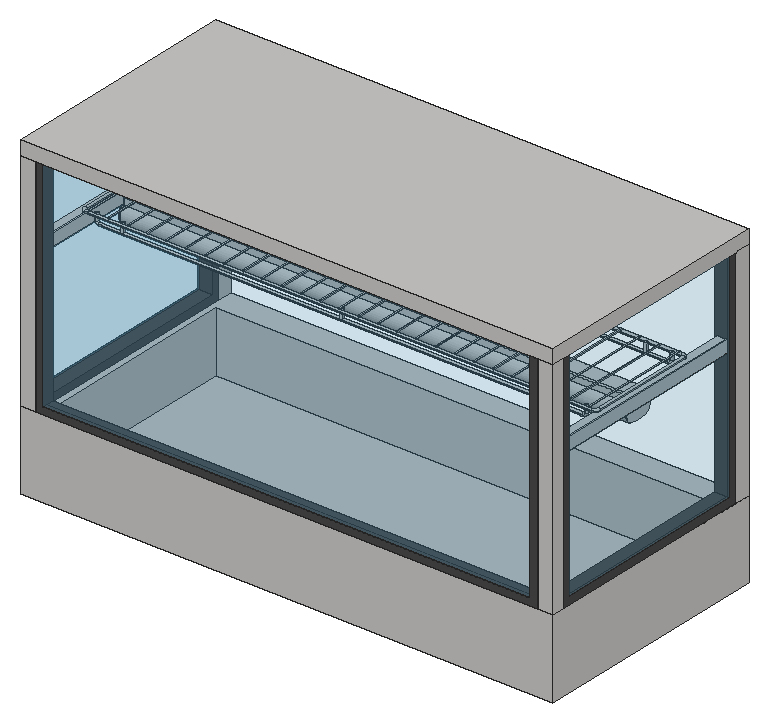
Revit family "QF_FESTIVE_DB14_cat", category Specialty Equipment, Revit 2020
Family settings
  Round Connector Dimension = Use Diameter
  Part Type = Normal
  Work Plane-Based = No
  Always vertical = Yes
  Cut with Voids When Loaded = No
  Shared = No
  Room Calculation Point = No
Parameters (values of type "DB14")
  Weight in Pounds = 0
  Watts = if(Phase = 3, Volts * FL Amps * 1.73, Volts * FL Amps)  # 3740 W
  Volts = 220 V
  URL Cutsheet = ""
  Specification by User = ""
  Specification by Manufacturer = ""
  Serial Number = ""
  Seismic Rating = ""
  SMACNA No = ""
  Revision Code = ""
  Phase = 1
  Number of Poles = 1
  No. of Rail [instance] = Length / 50.8 mm  # 27
  NAFEM Spec ID Number = ""
  Model = "DB14"
  Min Ckt Ampacity = 0 A
  Max Overcurrent Protection = 0 A
  Masterspec = ""
  Manufacturer = "FESTIVE"
  Length = 1395 mm
  Item Number = ""
  Installed By = ""
  Identify Quantity as Lot = yes
  Height = 830 mm
  HP = ""
  Furnished By = ""
  Foodservice Equipment Identifier = yes
  FL Amps = 17 A
  Electrical Remarks = ""
  Electric Connection Type = ""
  Elec Conn RI Height = 0 mm
  Elec Conn Connection Height = 0 mm
  Description = "DEVON: BAIN MARIE"
  Depth = 640 mm
  Default Elevation = 0 mm
  Cycle = 50 Hz
  Conn Plug = ""
  Conn Conduit = yes
  CSI MasterFormat = ""
  Apparent Power = if(Phase = 3, Volts * FL Amps * 1.73, Volts * FL Amps)  # 3740 VA
Reference planes
  plane 1 "BACK": y = 0
  plane 2: z = 0
  plane 3 "LEFT": x = 0
  plane 4 "RIGHT": x = 1395
  plane 5 "FRONT": y = -640
  plane 6 "TOP": z = 830
  plane 7 "Center Y": x = 697.5
  plane 8 "Center X": y = -320
  plane 9: z = 205
  plane 10: x = 1459.9
  plane 11: x = 40.989
  plane 12: x = 1354.011
Forms (mm)
  Extrusion 1, solid, material "QF_Metal - Stainless - Satin"
    sketch origin (0, 0, 0) x (0, 1, 0) y (0, 0, 1)
      loop
        line (0, 793) -> (0, 830) -> (-640, 830) -> (-640, 793) -> (0, 793)
    from 0 to 1395
  Extrusion 2, solid, material "QF_Metal - Stainless - Satin"
    sketch origin (0, 0, 0) x (0, 1, 0) y (0, 0, 1)
      loop
        line (0, 793) -> (-40.1, 793) -> (-40.1, 205) -> (0, 205) -> (0, 793)
    from 0 to 40.1
  Extrusion 3, solid, material "QF_Metal - Stainless - Satin"
    sketch origin (0, 0, 0) x (0, 1, 0) y (0, 0, 1)
      loop
        line (-608, 793) -> (-640, 793) -> (-640, 205) -> (-608, 205) -> (-608, 793)
    from 0 to 40.1
  Extrusion 4, solid, material "QF_Metal - Stainless - Satin"
    sketch origin (1395, 0, 0) x (0, -1, 0) y (0, 0, 1)
      loop
        line (0, 793) -> (0, 205) -> (40.1, 205) -> (40.1, 793) -> (0, 793)
    from 0 to 40.1
  Extrusion 5, solid, material "QF_Plastic - Black - Smooth"
    sketch origin (0, -640, 205) x (0, 0, -1) y (1, 0, 0)
      loop
        line (-588, 40.1) -> (0, 40.1) -> (0, 1354.9) -> (-588, 1354.9) -> (-588, 1334.9) -> (-20, 1334.9) -> (-20, 60.1) -> (-588, 60.1) -> (-588, 40.1)
    from 0 to -32
  Extrusion 6, solid, material "Glass"
    sketch origin (0, -640, 205) x (0, 0, -1) y (1, 0, 0)
      loop
        line (-588, 60.1) -> (-20, 60.1) -> (-20, 1334.9) -> (-588, 1334.9) -> (-588, 60.1)
    from 0 to -10
  Extrusion 7, solid, material "QF_Plastic - Black - Smooth"
    sketch origin (0, 0, 0) x (0, -1, 0) y (0, 0, 1)
      loop
        line (40.1, 793) -> (40.1, 205) -> (608, 205) -> (608, 793) -> (588, 793) -> (588, 225) -> (60.1, 225) -> (60.1, 793) -> (40.1, 793)
    from 0 to -40.1
  Extrusion 8, solid, material "Glass"
    sketch origin (0, 0, 0) x (0, 1, 0) y (0, 0, -1)
      loop
        line (-588, -793) -> (-60.1, -793) -> (-60.1, -225) -> (-588, -225) -> (-588, -793)
    from 0 to -5.1
  Sweep 9, solid, material "QF_Metal - Stainless - Satin"
    path origin (0, 0, 598.437) x (1, 0, 0) y (0, 1, 0)
      loop
        arc (33.118, -173.147) -> (27.808, -175.347) -> (25.609, -180.657) r 7.509
        line (25.609, -180.657) -> (25.609, -458.823)
        arc (25.609, -458.823) -> (27.805, -464.127) -> (33.109, -466.323) r 7.5
        line (33.109, -466.323) -> (1361.437, -466.323)
        arc (1361.437, -466.323) -> (1366.741, -464.127) -> (1368.937, -458.823) r 7.5
        line (1368.937, -458.823) -> (1368.937, -180.647)
        arc (1368.937, -180.647) -> (1366.741, -175.344) -> (1361.437, -173.147) r 7.5
        line (1361.437, -173.147) -> (33.118, -173.147)
    profile origin (697.278, -173.147, 598.437) x (0, 1, 0) y (0, 0, 1)
      loop
        circle (0.813, 0) r 3.5
  Sweep 10, solid, material "QF_Metal - Stainless - Satin"
    path origin (0, -459.587, 0) x (1, 0, 0) y (0, 0, 1)
      loop
        line (56, 600.75) -> (56, 583.379)
        arc (56, 583.379) -> (58.255, 577.934) -> (63.7, 575.679) r 7.7
        line (63.7, 575.679) -> (1331.29, 575.679)
        arc (1331.29, 575.679) -> (1336.742, 577.937) -> (1339, 583.389) r 7.71
        line (1339, 583.389) -> (1339, 600.75)
    profile origin (56, -459.587, 592.064) x (0, -1, 0) y (1, 0, 0)
      loop
        circle (0, 0) r 3.5
  Extrusion 11, solid, material "QF_Metal - Stainless - Satin"
    sketch origin (-90, 0, 0) x (1, 0, 0) y (0, 1, 0)
      loop
        circle (214.245, -459.502) r 3.409
    from 576.5 to 600.75
  Extrusion 12, solid, material "QF_Metal - Stainless - Satin"
    sketch origin (483.255, 0, 0) x (1, 0, 0) y (0, 1, 0)
      loop
        circle (214.245, -459.502) r 3.409
    from 576.5 to 600.75
  Extrusion 13, solid, material "QF_Metal - Stainless - Satin"
    sketch origin (0, 0, 0) x (1, 0, 0) y (0, 0, 1)
      loop
        circle (42.498, 603.487) r 1.509
    from 173.5 to 466.5
  Sweep 14, solid, material "QF_Metal - Stainless - Satin"
    path origin (0, -180.413, 0) x (1, 0, 0) y (0, 0, -1)
      loop
        line (56, -600.75) -> (56, -583.379)
        arc (56, -583.379) -> (58.255, -577.934) -> (63.7, -575.679) r 7.7
        line (63.7, -575.679) -> (1331.29, -575.679)
        arc (1331.29, -575.679) -> (1336.742, -577.937) -> (1339, -583.389) r 7.71
        line (1339, -583.389) -> (1339, -600.75)
    profile origin (56, -180.413, 592.064) x (0, 1, 0) y (-1, 0, 0)
      loop
        circle (0, 0) r 3.5
  Extrusion 15, solid, material "QF_Metal - Stainless - Satin"
    sketch origin (-90, -640, 0) x (1, 0, 0) y (0, 1, 0)
      loop
        circle (214.245, 459.502) r 3.409
    from 576.5 to 600.75
  Extrusion 16, solid, material "QF_Metal - Stainless - Satin"
    sketch origin (483.255, -640, 0) x (1, 0, 0) y (0, 1, 0)
      loop
        circle (214.245, 459.502) r 3.409
    from 576.5 to 600.75
  Extrusion 17, solid, material "QF_Metal - Stainless - Satin"
    sketch origin (0, -650.445, 0) x (1, 0, 0) y (0, -1, 0)
      loop
        line (1395, -10.445) -> (0, -10.445) -> (0, -650.445) -> (1395, -650.445) -> (1395, -10.445)
      loop
        line (57, -65.445) -> (57, -580.445) -> (1340, -580.445) -> (1340, -65.445) -> (57, -65.445)
    from 0 to -205
  Extrusion 18, solid, material "QF_Metal - Stainless - Satin"
    sketch origin (0, -650.445, 0) x (0, 1, 0) y (1, 0, 0)
      loop
        line (65.445, 57) -> (580.445, 57) -> (580.445, 1340) -> (65.445, 1340) -> (65.445, 57)
    from 0 to -47
  Extrusion 19, solid, material "QF_Metal - Stainless - Satin"
    sketch origin (347, 0, -216.078) x (0, 1, 0) y (0, 0, 1)
      loop
        line (-345, 792.076) -> (-345, 776.085)
        arc (-345, 776.085) -> (-357.596, 753.232) -> (-345, 730.378) r 27.029
        arc (-345, 730.378) -> (-320, 727.581) -> (-295, 730.378) r 113.108
        arc (-295, 730.378) -> (-282.404, 753.232) -> (-295, 776.085) r 27.029
        line (-295, 776.085) -> (-295, 792.076)
        arc (-295, 792.076) -> (-295.856, 794.144) -> (-297.924, 795) r 2.924
        line (-297.924, 795) -> (-342.076, 795)
        arc (-342.076, 795) -> (-344.144, 794.144) -> (-345, 792.076) r 2.924
    from -313 to 1014
  Extrusion 20, solid, material "QF_Metal - Stainless - Satin"
    sketch origin (-28, 0, -216.078) x (0, 1, 0) y (0, 0, 1)
      loop
        arc (-295, 792.076) -> (-295.856, 794.144) -> (-297.924, 795) r 2.924
        line (-297.924, 795) -> (-342.076, 795)
        arc (-342.076, 795) -> (-344.144, 794.144) -> (-345, 792.076) r 2.924
        line (-345, 792.076) -> (-345, 776.085)
        arc (-345, 776.085) -> (-357.596, 753.232) -> (-345, 730.378) r 27.029
        arc (-345, 730.378) -> (-320, 727.581) -> (-295, 730.378) r 113.108
        arc (-295, 730.378) -> (-282.404, 753.232) -> (-295, 776.085) r 27.029
        line (-295, 776.085) -> (-295, 792.076)
      loop
        arc (-298.5, 786) -> (-298.793, 786.707) -> (-299.5, 787) r 1
        line (-299.5, 787) -> (-301.5, 787)
        arc (-301.5, 787) -> (-302.207, 786.707) -> (-302.5, 786) r 1
        line (-302.5, 786) -> (-302.5, 774)
        arc (-302.5, 774) -> (-302.207, 773.293) -> (-301.5, 773) r 1
        line (-301.5, 773) -> (-299.5, 773)
        arc (-299.5, 773) -> (-298.793, 773.293) -> (-298.5, 774) r 1
        line (-298.5, 774) -> (-298.5, 786)
      loop
        arc (-305, 786) -> (-305.293, 786.707) -> (-306, 787) r 1
        line (-306, 787) -> (-308, 787)
        arc (-308, 787) -> (-308.707, 786.707) -> (-309, 786) r 1
        line (-309, 786) -> (-309, 774)
        arc (-309, 774) -> (-308.707, 773.293) -> (-308, 773) r 1
        line (-308, 773) -> (-306, 773)
        arc (-306, 773) -> (-305.293, 773.293) -> (-305, 774) r 1
        line (-305, 774) -> (-305, 786)
      loop
        arc (-311.5, 786) -> (-311.793, 786.707) -> (-312.5, 787) r 1
        line (-312.5, 787) -> (-314.5, 787)
        arc (-314.5, 787) -> (-315.207, 786.707) -> (-315.5, 786) r 1
        line (-315.5, 786) -> (-315.5, 774)
        arc (-315.5, 774) -> (-315.207, 773.293) -> (-314.5, 773) r 1
        line (-314.5, 773) -> (-312.5, 773)
        arc (-312.5, 773) -> (-311.793, 773.293) -> (-311.5, 774) r 1
        line (-311.5, 774) -> (-311.5, 786)
      loop
        arc (-318, 786) -> (-318.293, 786.707) -> (-319, 787) r 1
        line (-319, 787) -> (-321, 787)
        arc (-321, 787) -> (-321.707, 786.707) -> (-322, 786) r 1
        line (-322, 786) -> (-322, 774)
        arc (-322, 774) -> (-321.707, 773.293) -> (-321, 773) r 1
        line (-321, 773) -> (-319, 773)
        arc (-319, 773) -> (-318.293, 773.293) -> (-318, 774) r 1
        line (-318, 774) -> (-318, 786)
      loop
        arc (-324.5, 786) -> (-324.793, 786.707) -> (-325.5, 787) r 1
        line (-325.5, 787) -> (-327.5, 787)
        arc (-327.5, 787) -> (-328.207, 786.707) -> (-328.5, 786) r 1
        line (-328.5, 786) -> (-328.5, 774)
        arc (-328.5, 774) -> (-328.207, 773.293) -> (-327.5, 773) r 1
        line (-327.5, 773) -> (-325.5, 773)
        arc (-325.5, 773) -> (-324.793, 773.293) -> (-324.5, 774) r 1
        line (-324.5, 774) -> (-324.5, 786)
      loop
        arc (-331, 786) -> (-331.293, 786.707) -> (-332, 787) r 1
        line (-332, 787) -> (-334, 787)
        arc (-334, 787) -> (-334.707, 786.707) -> (-335, 786) r 1
        line (-335, 786) -> (-335, 774)
        arc (-335, 774) -> (-334.707, 773.293) -> (-334, 773) r 1
        line (-334, 773) -> (-332, 773)
        arc (-332, 773) -> (-331.293, 773.293) -> (-331, 774) r 1
        line (-331, 774) -> (-331, 786)
      loop
        arc (-337.5, 786) -> (-337.793, 786.707) -> (-338.5, 787) r 1
        line (-338.5, 787) -> (-340.5, 787)
        arc (-340.5, 787) -> (-341.207, 786.707) -> (-341.5, 786) r 1
        line (-341.5, 786) -> (-341.5, 774)
        arc (-341.5, 774) -> (-341.207, 773.293) -> (-340.5, 773) r 1
        line (-340.5, 773) -> (-338.5, 773)
        arc (-338.5, 773) -> (-337.793, 773.293) -> (-337.5, 774) r 1
        line (-337.5, 774) -> (-337.5, 786)
    from 60.1 to 62
  Extrusion 21, solid, material "QF_Metal - Stainless - Satin", not visible
    sketch origin (0, 0, 201.118) x (0, 0, 1) y (1, 0, 0)
      loop
        line (-111.118, 1185.678) -> (-211.118, 1185.678) -> (-211.118, 855.678) -> (-111.118, 855.678) -> (-111.118, 1185.678)
    from 0 to 1.5
  Extrusion 22, solid, material "QF_Plastic - Black - Smooth", not visible
    sketch origin (37.803, 1.5, 184.282) x (0, 0, 1) y (1, 0, 0)
      loop
        line (-127.243, 1007.875) -> (-159.243, 1007.875) -> (-159.243, 993.875) -> (-127.243, 993.875) -> (-127.243, 1007.875)
      loop
        line (-155.243, 1004.875) -> (-155.243, 996.875) -> (-131.243, 996.875) -> (-131.243, 1004.875) -> (-155.243, 1004.875)
      loop
        circle (-144.275, 967.799) r 8.453
    from 0 to 1.5
  Extrusion 23, solid, material "QF_Plastic - Red - Smooth", not visible
    sketch origin (951.803, 1.5, 44.163) x (0, 0, -1) y (0, 1, 0)
      loop
        line (-10.247, 1.5) -> (15.125, 1.5) -> (15.125, 5.552)
        arc (15.125, 5.552) -> (2.51, 3.618) -> (-10.247, 3.224) r 105.368
        line (-10.247, 3.224) -> (-10.247, 1.5)
    from 82.875 to 90.875
  Revolve 24, solid, material "QF_Metal - Stainless - Satin", not visible
    sketch origin (955.614, 0, -14.69) x (0, 1, 0) y (0, 0, 1)
      loop
        line (9.399, 54.68) -> (9.399, 69.967) -> (3.413, 80.768) -> (1.5, 80.768) -> (1.5, 54.68) -> (9.399, 54.68)
      axis (1.5, 54.68) -> (9.399, 54.68)
    angle from 0 to 360
  Extrusion 25, solid, material "QF_Metal - Stainless - Satin", not visible
    sketch origin (955.614, 9.399, 39.989) x (-1, 0, 0) y (0, 0, 1)
      loop
        arc (0, 15.288) -> (-2.018, 15.154) -> (-4, 14.755) r 15.288
        line (-4, 14.755) -> (-4, -14.755)
        arc (-4, -14.755) -> (-2.018, -15.154) -> (0, -15.288) r 15.288
        arc (0, -15.288) -> (2.018, -15.154) -> (4, -14.755) r 15.288
        line (4, -14.755) -> (4, 14.755)
        arc (4, 14.755) -> (2.018, 15.154) -> (0, 15.288) r 15.288
    from 0 to 14.801
  Extrusion 26, solid, material "QF_Plastic - Red - Smooth", not visible
    sketch origin (37.803, 3, 184.282) x (0, 0, 1) y (1, 0, 0)
      loop
        circle (-144.275, 967.799) r 6.5
    from 0 to 4.052
  Extrusion 27, solid, material "QF_Metal - Stainless - Satin"
    sketch origin (0, -60.1, 753) x (0, 0, 1) y (-1, 0, 0)
      loop
        arc (-157.938, -9.475) -> (-158.37, -8.432) -> (-159.413, -8) r 1.475
        line (-159.413, -8) -> (-192.5, -8)
        arc (-192.5, -8) -> (-193.561, -8.439) -> (-194, -9.5) r 1.5
        line (-194, -9.5) -> (-194, -30.6)
        arc (-194, -30.6) -> (-193.561, -31.661) -> (-192.5, -32.1) r 1.5
        line (-192.5, -32.1) -> (-159.438, -32.1)
        arc (-159.438, -32.1) -> (-158.377, -31.661) -> (-157.938, -30.6) r 1.5
        line (-157.938, -30.6) -> (-157.938, -9.475)
      loop
        line (-157.938, -1385.525) -> (-157.938, -1364.4)
        arc (-157.938, -1364.4) -> (-158.377, -1363.339) -> (-159.438, -1362.9) r 1.5
        line (-159.438, -1362.9) -> (-192.5, -1362.9)
        arc (-192.5, -1362.9) -> (-193.561, -1363.339) -> (-194, -1364.4) r 1.5
        line (-194, -1364.4) -> (-194, -1385.5)
        arc (-194, -1385.5) -> (-193.561, -1386.561) -> (-192.5, -1387) r 1.5
        line (-192.5, -1387) -> (-159.413, -1387)
        arc (-159.413, -1387) -> (-158.37, -1386.568) -> (-157.938, -1385.525) r 1.475
    from 0 to 527.9
  Extrusion 28, solid, material "QF_Plastic - Black - Smooth"
    sketch origin (1395, 0, 0) x (0, -1, 0) y (0, 0, 1)
      loop
        line (40.1, 793) -> (40.1, 205) -> (608, 205) -> (608, 793) -> (588, 793) -> (588, 225) -> (60.1, 225) -> (60.1, 793) -> (40.1, 793)
    from 40 to 0
  Extrusion 29, solid, material "Glass"
    sketch origin (1395, 0, 0) x (0, -1, 0) y (0, 0, 1)
      loop
        line (588, 793) -> (60.1, 793) -> (60.1, 225) -> (588, 225) -> (588, 793)
    from 5 to 0
  Extrusion 30, solid, material "QF_Metal - Stainless - Satin"
    sketch origin (-323.178, 0, 216.118) x (0, 0, 1) y (1, 0, 0)
      loop
        line (-111.118, 1185.678) -> (-211.118, 1185.678) -> (-211.118, 855.678) -> (-111.118, 855.678) -> (-111.118, 1185.678)
    from 0 to 1.5
  Extrusion 31, solid, material "QF_Plastic - Black - Smooth"
    sketch origin (-285.375, 1.5, 199.282) x (0, 0, 1) y (1, 0, 0)
      loop
        line (-127.243, 1007.875) -> (-159.243, 1007.875) -> (-159.243, 993.875) -> (-127.243, 993.875) -> (-127.243, 1007.875)
      loop
        line (-155.243, 1004.875) -> (-155.243, 996.875) -> (-131.243, 996.875) -> (-131.243, 1004.875) -> (-155.243, 1004.875)
      loop
        circle (-144.275, 967.799) r 8.453
    from 0 to 1.5
  Extrusion 32, solid, material "QF_Plastic - Red - Smooth"
    sketch origin (628.625, 1.5, 59.163) x (0, 0, -1) y (0, 1, 0)
      loop
        line (-10.247, 1.5) -> (15.125, 1.5) -> (15.125, 5.552)
        arc (15.125, 5.552) -> (2.51, 3.618) -> (-10.247, 3.224) r 105.368
        line (-10.247, 3.224) -> (-10.247, 1.5)
    from 82.875 to 90.875
  Revolve 33, solid, material "QF_Metal - Stainless - Satin"
    sketch origin (632.436, 0, 0.31) x (0, 1, 0) y (0, 0, 1)
      loop
        line (9.399, 54.68) -> (9.399, 69.967) -> (3.413, 80.768) -> (1.5, 80.768) -> (1.5, 54.68) -> (9.399, 54.68)
      axis (1.5, 54.68) -> (9.399, 54.68)
    angle from 0 to 360
  Extrusion 34, solid, material "QF_Metal - Stainless - Satin"
    sketch origin (632.436, 9.399, 54.989) x (-1, 0, 0) y (0, 0, 1)
      loop
        arc (0, 15.288) -> (-2.018, 15.154) -> (-4, 14.755) r 15.288
        line (-4, 14.755) -> (-4, -14.755)
        arc (-4, -14.755) -> (-2.018, -15.154) -> (0, -15.288) r 15.288
        arc (0, -15.288) -> (2.018, -15.154) -> (4, -14.755) r 15.288
        line (4, -14.755) -> (4, 14.755)
        arc (4, 14.755) -> (2.018, 15.154) -> (0, 15.288) r 15.288
    from 0 to 14.801
  Extrusion 35, solid, material "QF_Plastic - Red - Smooth"
    sketch origin (-285.375, 3, 199.282) x (0, 0, 1) y (1, 0, 0)
      loop
        circle (-144.275, 967.799) r 6.5
    from 0 to 4.052
  Extrusion 36, solid, material "QF_Metal - Stainless - Satin"
    sketch origin (1160, 0, 0) x (-1, 0, 0) y (0, -1, 0)
      loop
        circle (-110.755, 459.502) r 3.409
    from 576.5 to 600.75
  Extrusion 37, solid, material "QF_Metal - Stainless - Satin"
    sketch origin (1160, -640, 0) x (-1, 0, 0) y (0, -1, 0)
      loop
        circle (-110.755, -459.502) r 3.409
    from 576.5 to 600.75
  Extrusion 38, solid, material "QF_Metal - Stainless - Satin"
    sketch origin (773, 0, -216.078) x (0, 1, 0) y (0, 0, -1)
      loop
        line (-295, -792.076) -> (-295, -776.085)
        arc (-295, -776.085) -> (-282.404, -753.232) -> (-295, -730.378) r 27.029
        arc (-295, -730.378) -> (-320, -727.581) -> (-345, -730.378) r 113.108
        arc (-345, -730.378) -> (-357.596, -753.232) -> (-345, -776.085) r 27.029
        line (-345, -776.085) -> (-345, -792.076)
        arc (-345, -792.076) -> (-344.144, -794.144) -> (-342.076, -795) r 2.924
        line (-342.076, -795) -> (-297.924, -795)
        arc (-297.924, -795) -> (-295.856, -794.144) -> (-295, -792.076) r 2.924
      loop
        line (-298.5, -786) -> (-298.5, -774)
        arc (-298.5, -774) -> (-298.793, -773.293) -> (-299.5, -773) r 1
        line (-299.5, -773) -> (-301.5, -773)
        arc (-301.5, -773) -> (-302.207, -773.293) -> (-302.5, -774) r 1
        line (-302.5, -774) -> (-302.5, -786)
        arc (-302.5, -786) -> (-302.207, -786.707) -> (-301.5, -787) r 1
        line (-301.5, -787) -> (-299.5, -787)
        arc (-299.5, -787) -> (-298.793, -786.707) -> (-298.5, -786) r 1
      loop
        line (-305, -786) -> (-305, -774)
        arc (-305, -774) -> (-305.293, -773.293) -> (-306, -773) r 1
        line (-306, -773) -> (-308, -773)
        arc (-308, -773) -> (-308.707, -773.293) -> (-309, -774) r 1
        line (-309, -774) -> (-309, -786)
        arc (-309, -786) -> (-308.707, -786.707) -> (-308, -787) r 1
        line (-308, -787) -> (-306, -787)
        arc (-306, -787) -> (-305.293, -786.707) -> (-305, -786) r 1
      loop
        line (-311.5, -786) -> (-311.5, -774)
        arc (-311.5, -774) -> (-311.793, -773.293) -> (-312.5, -773) r 1
        line (-312.5, -773) -> (-314.5, -773)
        arc (-314.5, -773) -> (-315.207, -773.293) -> (-315.5, -774) r 1
        line (-315.5, -774) -> (-315.5, -786)
        arc (-315.5, -786) -> (-315.207, -786.707) -> (-314.5, -787) r 1
        line (-314.5, -787) -> (-312.5, -787)
        arc (-312.5, -787) -> (-311.793, -786.707) -> (-311.5, -786) r 1
      loop
        line (-318, -786) -> (-318, -774)
        arc (-318, -774) -> (-318.293, -773.293) -> (-319, -773) r 1
        line (-319, -773) -> (-321, -773)
        arc (-321, -773) -> (-321.707, -773.293) -> (-322, -774) r 1
        line (-322, -774) -> (-322, -786)
        arc (-322, -786) -> (-321.707, -786.707) -> (-321, -787) r 1
        line (-321, -787) -> (-319, -787)
        arc (-319, -787) -> (-318.293, -786.707) -> (-318, -786) r 1
      loop
        line (-324.5, -786) -> (-324.5, -774)
        arc (-324.5, -774) -> (-324.793, -773.293) -> (-325.5, -773) r 1
        line (-325.5, -773) -> (-327.5, -773)
        arc (-327.5, -773) -> (-328.207, -773.293) -> (-328.5, -774) r 1
        line (-328.5, -774) -> (-328.5, -786)
        arc (-328.5, -786) -> (-328.207, -786.707) -> (-327.5, -787) r 1
        line (-327.5, -787) -> (-325.5, -787)
        arc (-325.5, -787) -> (-324.793, -786.707) -> (-324.5, -786) r 1
      loop
        line (-331, -786) -> (-331, -774)
        arc (-331, -774) -> (-331.293, -773.293) -> (-332, -773) r 1
        line (-332, -773) -> (-334, -773)
        arc (-334, -773) -> (-334.707, -773.293) -> (-335, -774) r 1
        line (-335, -774) -> (-335, -786)
        arc (-335, -786) -> (-334.707, -786.707) -> (-334, -787) r 1
        line (-334, -787) -> (-332, -787)
        arc (-332, -787) -> (-331.293, -786.707) -> (-331, -786) r 1
      loop
        line (-337.5, -786) -> (-337.5, -774)
        arc (-337.5, -774) -> (-337.793, -773.293) -> (-338.5, -773) r 1
        line (-338.5, -773) -> (-340.5, -773)
        arc (-340.5, -773) -> (-341.207, -773.293) -> (-341.5, -774) r 1
        line (-341.5, -774) -> (-341.5, -786)
        arc (-341.5, -786) -> (-341.207, -786.707) -> (-340.5, -787) r 1
        line (-340.5, -787) -> (-338.5, -787)
        arc (-338.5, -787) -> (-337.793, -786.707) -> (-337.5, -786) r 1
    from -589.9 to -588
  Extrusion 39, solid, material "QF_Metal - Stainless - Satin"
    sketch origin (0, 0, 0) x (1, 0, 0) y (0, 0, -1)
      loop
        circle (56, -30) r 6.35
    from 0 to 3.2
  Extrusion 40, solid, material "QF_Metal - Stainless - Satin"
    sketch origin (1395, 0, 0) x (0, -1, 0) y (0, 0, 1)
      loop
        line (608, 793) -> (608, 205) -> (640, 205) -> (640, 793) -> (608, 793)
    from 0 to 40.1
  Extrusion 41, solid, material "QF_Metal - Stainless - Satin"
    sketch origin (1310.003, 0, 0) x (1, 0, 0) y (0, 0, 1)
      loop
        circle (42.498, 603.487) r 1.509
    from 173.5 to 466.5
  Extrusion 42, solid, material "QF_Metal - Stainless - Satin"
    sketch origin (50.385, 0, 0) x (1, 0, 0) y (0, 0, 1)
      loop
        circle (42.498, 603.487) r 1.509
    from 173.5 to 466.5
  Extrusion 43, solid, material "QF_Metal - Stainless - Satin"
    sketch origin (100.769, 0, 0) x (1, 0, 0) y (0, 0, 1)
      loop
        circle (42.498, 603.487) r 1.509
    from 173.5 to 466.5
  Extrusion 44, solid, material "QF_Metal - Stainless - Satin"
    sketch origin (151.154, 0, 0) x (1, 0, 0) y (0, 0, 1)
      loop
        circle (42.498, 603.487) r 1.509
    from 173.5 to 466.5
  Extrusion 45, solid, material "QF_Metal - Stainless - Satin"
    sketch origin (201.539, 0, 0) x (1, 0, 0) y (0, 0, 1)
      loop
        circle (42.498, 603.487) r 1.509
    from 173.5 to 466.5
  Extrusion 46, solid, material "QF_Metal - Stainless - Satin"
    sketch origin (251.924, 0, 0) x (1, 0, 0) y (0, 0, 1)
      loop
        circle (42.498, 603.487) r 1.509
    from 173.5 to 466.5
  Extrusion 47, solid, material "QF_Metal - Stainless - Satin"
    sketch origin (302.308, 0, 0) x (1, 0, 0) y (0, 0, 1)
      loop
        circle (42.498, 603.487) r 1.509
    from 173.5 to 466.5
  Extrusion 48, solid, material "QF_Metal - Stainless - Satin"
    sketch origin (352.693, 0, 0) x (1, 0, 0) y (0, 0, 1)
      loop
        circle (42.498, 603.487) r 1.509
    from 173.5 to 466.5
  Extrusion 49, solid, material "QF_Metal - Stainless - Satin"
    sketch origin (403.078, 0, 0) x (1, 0, 0) y (0, 0, 1)
      loop
        circle (42.498, 603.487) r 1.509
    from 173.5 to 466.5
  Extrusion 50, solid, material "QF_Metal - Stainless - Satin"
    sketch origin (453.463, 0, 0) x (1, 0, 0) y (0, 0, 1)
      loop
        circle (42.498, 603.487) r 1.509
    from 173.5 to 466.5
  Extrusion 51, solid, material "QF_Metal - Stainless - Satin"
    sketch origin (503.847, 0, 0) x (1, 0, 0) y (0, 0, 1)
      loop
        circle (42.498, 603.487) r 1.509
    from 173.5 to 466.5
  Extrusion 52, solid, material "QF_Metal - Stainless - Satin"
    sketch origin (554.232, 0, 0) x (1, 0, 0) y (0, 0, 1)
      loop
        circle (42.498, 603.487) r 1.509
    from 173.5 to 466.5
  Extrusion 53, solid, material "QF_Metal - Stainless - Satin"
    sketch origin (604.617, 0, 0) x (1, 0, 0) y (0, 0, 1)
      loop
        circle (42.498, 603.487) r 1.509
    from 173.5 to 466.5
  Extrusion 54, solid, material "QF_Metal - Stainless - Satin"
    sketch origin (655.002, 0, 0) x (1, 0, 0) y (0, 0, 1)
      loop
        circle (42.498, 603.487) r 1.509
    from 173.5 to 466.5
  Extrusion 55, solid, material "QF_Metal - Stainless - Satin"
    sketch origin (705.386, 0, 0) x (1, 0, 0) y (0, 0, 1)
      loop
        circle (42.498, 603.487) r 1.509
    from 173.5 to 466.5
  Extrusion 56, solid, material "QF_Metal - Stainless - Satin"
    sketch origin (755.771, 0, 0) x (1, 0, 0) y (0, 0, 1)
      loop
        circle (42.498, 603.487) r 1.509
    from 173.5 to 466.5
  Extrusion 57, solid, material "QF_Metal - Stainless - Satin"
    sketch origin (806.156, 0, 0) x (1, 0, 0) y (0, 0, 1)
      loop
        circle (42.498, 603.487) r 1.509
    from 173.5 to 466.5
  Extrusion 58, solid, material "QF_Metal - Stainless - Satin"
    sketch origin (856.541, 0, 0) x (1, 0, 0) y (0, 0, 1)
      loop
        circle (42.498, 603.487) r 1.509
    from 173.5 to 466.5
  Extrusion 59, solid, material "QF_Metal - Stainless - Satin"
    sketch origin (906.925, 0, 0) x (1, 0, 0) y (0, 0, 1)
      loop
        circle (42.498, 603.487) r 1.509
    from 173.5 to 466.5
  Extrusion 60, solid, material "QF_Metal - Stainless - Satin"
    sketch origin (957.31, 0, 0) x (1, 0, 0) y (0, 0, 1)
      loop
        circle (42.498, 603.487) r 1.509
    from 173.5 to 466.5
  Extrusion 61, solid, material "QF_Metal - Stainless - Satin"
    sketch origin (1007.695, 0, 0) x (1, 0, 0) y (0, 0, 1)
      loop
        circle (42.498, 603.487) r 1.509
    from 173.5 to 466.5
  Extrusion 62, solid, material "QF_Metal - Stainless - Satin"
    sketch origin (1058.08, 0, 0) x (1, 0, 0) y (0, 0, 1)
      loop
        circle (42.498, 603.487) r 1.509
    from 173.5 to 466.5
  Extrusion 63, solid, material "QF_Metal - Stainless - Satin"
    sketch origin (1108.464, 0, 0) x (1, 0, 0) y (0, 0, 1)
      loop
        circle (42.498, 603.487) r 1.509
    from 173.5 to 466.5
  Extrusion 64, solid, material "QF_Metal - Stainless - Satin"
    sketch origin (1158.849, 0, 0) x (1, 0, 0) y (0, 0, 1)
      loop
        circle (42.498, 603.487) r 1.509
    from 173.5 to 466.5
  Extrusion 65, solid, material "QF_Metal - Stainless - Satin"
    sketch origin (1209.234, 0, 0) x (1, 0, 0) y (0, 0, 1)
      loop
        circle (42.498, 603.487) r 1.509
    from 173.5 to 466.5
  Extrusion 66, solid, material "QF_Metal - Stainless - Satin"
    sketch origin (1259.619, 0, 0) x (1, 0, 0) y (0, 0, 1)
      loop
        circle (42.498, 603.487) r 1.509
    from 173.5 to 466.5
Cuts and joins
  joined: Extrusion 17, Extrusion 18
Lines and regions (mm)
  symbolic lines
    curve 1: line (0, 0, 0) -> (1395, 0, 0)
    curve 2: line (0, -640, 0) -> (0, 0, 0)
    curve 3: line (1395, -640, 0) -> (0, -640, 0)
    curve 4: line (1395, 0, 0) -> (1395, -640, 0)
Dimensions and locks
  equal spacing: plane 3 "LEFT", plane 7 "Center Y", plane 4 "RIGHT"
  "Length": plane 3 "LEFT" to plane 4 "RIGHT"
  equal spacing: plane 5 "FRONT", plane 8 "Center X", plane 1 "BACK"
  "Depth": plane 5 "FRONT" to plane 1 "BACK"
  "Height": plane 6 "TOP" to level
  plane 9 to plane 2 = 205 mm  (x2)
  plane 6 "TOP" to plane 9 = 625 mm  (x2)
  plane 1 "BACK" to plane 5 "FRONT" = 640 mm
  Extrusion 39 sketch curve to plane 3 "LEFT" = 56 mm
  level to Extrusion 39 sketch curve = 30 mm
  Extrusion 27 sketch curve to Extrusion 27 sketch curve to plane 4 "RIGHT" = 24.1 mm locked, 8 mm locked
  Extrusion 38 to Extrusion 38 to plane 4 "RIGHT" = 1.9 mm locked, 32.1 mm locked
  Extrusion 5 sketch curve to Extrusion 5 sketch curve to plane 4 "RIGHT" = 20 mm locked, 40.1 mm locked
  locked: Extrusion 6 sketch curve to plane 4 "RIGHT" at 60.1
  equal spacing: group 3, group 5, group 6, group 7, group 8, group 9, group 10, group 11, group 12, group 13, group 14, group 15, group 16, group 17, group 18, group 19, group 20, group 21, group 22, group 23, group 24, group 25, group 26, group 27, group 28, group 29, group 4  (x3)
  locked: plane 12 to plane 4 "RIGHT" at 40.989
  locked: Extrusion 30 to plane 7 "Center Y" at 165
  aligned and locked: level to plane 2
  aligned and locked: Extrusion 19 to Extrusion 38
  aligned and locked: Extrusion 1 to plane 4 "RIGHT"
  aligned and locked: plane 12 to Extrusion 41
Automatic sketch dimensions
  Extrusion 23 sketch curve to Extrusion 23 sketch curve = 25.372 mm
  Extrusion 23 sketch curve to Extrusion 23 sketch curve = 1.724 mm
  Extrusion 23 sketch curve to Extrusion 23 sketch curve = 4.052 mm
  Revolve 24 sketch curve to Revolve 24 sketch curve = 1.913 mm
  Revolve 24 sketch curve to Revolve 24 sketch curve = 15.288 mm
  Revolve 24 sketch curve to Revolve 24 sketch curve = 10.8 mm
  Revolve 24 sketch curve to Revolve 24 sketch curve = 3.129 mm
  Revolve 24 sketch curve to Revolve 24 sketch curve = 16.871 mm
  Revolve 24 sketch curve to Revolve 24 sketch curve = 0 mm
  Extrusion 25 sketch curve to Extrusion 25 sketch curve = 0 mm  (x2)
  Revolve 24 to Extrusion 25 sketch curve = 4 mm
  Extrusion 25 sketch curve to Revolve 24 = 4 mm
  Extrusion 21 sketch curve to Extrusion 21 sketch curve = 100 mm
  Extrusion 23 sketch curve to Extrusion 23 sketch curve = 3.127 mm
  Revolve 24 sketch curve to Revolve 24 sketch curve = 5.987 mm
  Extrusion 32 sketch curve to Extrusion 32 sketch curve = 25.372 mm
  Extrusion 32 sketch curve to Extrusion 32 sketch curve = 1.724 mm
  Extrusion 32 sketch curve to Extrusion 32 sketch curve = 4.052 mm
  Revolve 33 sketch curve to Revolve 33 sketch curve = 1.913 mm
  Revolve 33 sketch curve to Revolve 33 sketch curve = 15.288 mm
  Revolve 33 sketch curve to Revolve 33 sketch curve = 10.8 mm
  Revolve 33 sketch curve to Revolve 33 sketch curve = 3.129 mm
  Revolve 33 sketch curve to Revolve 33 sketch curve = 16.871 mm
  Revolve 33 sketch curve to Revolve 33 sketch curve = 0 mm
  Extrusion 34 sketch curve to Extrusion 34 sketch curve = 0 mm  (x2)
  Revolve 33 to Extrusion 34 sketch curve = 4 mm
  Extrusion 34 sketch curve to Revolve 33 = 4 mm
  Extrusion 30 sketch curve to Extrusion 30 sketch curve = 100 mm
  Extrusion 32 sketch curve to Extrusion 32 sketch curve = 3.127 mm
  Revolve 33 sketch curve to Revolve 33 sketch curve = 5.987 mm
  Extrusion 30 sketch curve to Extrusion 30 sketch curve = 330 mm
  Extrusion 31 sketch curve to Extrusion 31 sketch curve = 4 mm  (x2)
  Extrusion 31 sketch curve to Extrusion 31 sketch curve = 14.968 mm
  Extrusion 31 sketch curve to Extrusion 31 sketch curve = 24 mm
  Extrusion 31 sketch curve to Extrusion 31 sketch curve = 26.076 mm
  Extrusion 31 sketch curve to Extrusion 31 sketch curve = 3 mm  (x2)
  Extrusion 31 sketch curve to Extrusion 31 sketch curve = 8 mm
  Extrusion 21 sketch curve to Extrusion 21 sketch curve = 330 mm
  Extrusion 22 sketch curve to Extrusion 22 sketch curve = 4 mm  (x2)
  Extrusion 22 sketch curve to Extrusion 22 sketch curve = 14.968 mm
  Extrusion 22 sketch curve to Extrusion 22 sketch curve = 24 mm
  Extrusion 22 sketch curve to Extrusion 22 sketch curve = 26.076 mm
  Extrusion 22 sketch curve to Extrusion 22 sketch curve = 3 mm  (x2)
  Extrusion 22 sketch curve to Extrusion 22 sketch curve = 8 mm
  curve 3 to plane 3 "LEFT" = 0 mm
  curve 3 to plane 4 "RIGHT" = 0 mm
  plane 5 "FRONT" to curve 3 = 0 mm
  plane 1 "BACK" to curve 2 = 0 mm
  Extrusion 1 sketch curve to plane 5 "FRONT" = 0 mm
  Extrusion 1 sketch curve to plane 1 "BACK" = 0 mm
  Extrusion 1 sketch curve to plane 6 "TOP" = 0 mm
  Extrusion 1 sketch curve to plane 6 "TOP" = 37 mm
  Extrusion 2 sketch curve to plane 9 = 0 mm
  Extrusion 2 sketch curve to plane 1 "BACK" = 0 mm
  Extrusion 2 sketch curve to Extrusion 2 sketch curve = 40.1 mm
  Extrusion 2 sketch curve to plane 6 "TOP" = 37 mm
  Extrusion 3 sketch curve to plane 5 "FRONT" = 0 mm
  Extrusion 3 sketch curve to plane 9 = 0 mm
  Extrusion 3 sketch curve to plane 5 "FRONT" = 32 mm
  Extrusion 3 sketch curve to plane 6 "TOP" = 37 mm
  Extrusion 4 sketch curve to plane 1 "BACK" = 0 mm
  Extrusion 4 sketch curve to plane 9 = 0 mm
  Extrusion 4 sketch curve to Extrusion 4 sketch curve = 40.1 mm
  Extrusion 4 sketch curve to plane 6 "TOP" = 37 mm
  Extrusion 2 to Extrusion 7 sketch curve = 0 mm  (x3)
  Extrusion 7 sketch curve to Extrusion 2 = 0 mm
  Extrusion 2 to Extrusion 7 sketch curve = 20 mm
  Extrusion 7 sketch curve to Extrusion 2 = 20 mm
  Extrusion 7 sketch curve to Extrusion 7 sketch curve = 527.9 mm
  Extrusion 7 sketch curve to Extrusion 7 sketch curve = 20 mm
  plane 9 to Extrusion 8 sketch curve = 20 mm
  Extrusion 8 sketch curve to plane 5 "FRONT" = 52 mm
  plane 1 "BACK" to Extrusion 8 sketch curve = 60.1 mm
  Extrusion 8 sketch curve to plane 6 "TOP" = 37 mm
  plane 3 "LEFT" to Sweep 9 sketch curve = 25.609 mm
  Sweep 9 sketch curve to Sweep 9 sketch curve = 7.5 mm  (x2)
  Sweep 9 sketch curve to Sweep 9 sketch curve = 7.509 mm
  plane 4 "RIGHT" to Sweep 9 sketch curve = 33.563 mm  (x2)
  Sweep 9 sketch curve to plane 8 "Center X" = 146.323 mm
  plane 8 "Center X" to Sweep 9 sketch curve = 139.343 mm
  Sweep 9 sketch curve to profile plane = 0 mm
  Sweep 9 sketch curve to profile plane = 0.813 mm
  plane 3 "LEFT" to Sweep 10 sketch curve = 56 mm
  Sweep 10 sketch curve to Sweep 10 sketch curve = 7.7 mm
  plane 4 "RIGHT" to Sweep 10 sketch curve = 63.71 mm
  Sweep 10 sketch curve to Sweep 10 sketch curve = 7.71 mm
  Sweep 10 sketch curve to plane 6 "TOP" = 254.321 mm
  Sweep 10 sketch curve to Sweep 10 sketch curve = 17.371 mm
  Sweep 10 sketch curve to Sweep 10 sketch curve = 17.361 mm
  Sweep 10 sketch curve to profile plane = 0 mm
  profile plane to Sweep 10 sketch curve = 0 mm
  plane 3 "LEFT" to Extrusion 11 sketch curve = 124.245 mm
  Extrusion 11 sketch curve to plane 8 "Center X" = 139.502 mm
  Extrusion 12 sketch curve to plane 7 "Center Y" = 0 mm
  Extrusion 12 sketch curve to plane 8 "Center X" = 139.502 mm
  plane 3 "LEFT" to Sweep 14 sketch curve = 56 mm
  Sweep 14 sketch curve to Sweep 14 sketch curve = 7.7 mm
  plane 4 "RIGHT" to Sweep 14 sketch curve = 63.71 mm
  Sweep 14 sketch curve to Sweep 14 sketch curve = 7.71 mm
  Sweep 14 sketch curve to plane 6 "TOP" = 246.611 mm
  Sweep 14 sketch curve to Sweep 14 sketch curve = 17.371 mm
  Sweep 14 sketch curve to Sweep 14 sketch curve = 17.361 mm
  Sweep 14 sketch curve to profile plane = 0 mm  (x2)
  Extrusion 15 sketch curve to plane 3 "LEFT" = 124.245 mm
  Extrusion 15 sketch curve to plane 8 "Center X" = 139.502 mm
  Extrusion 16 sketch curve to plane 7 "Center Y" = 0 mm
  Extrusion 16 sketch curve to plane 8 "Center X" = 139.502 mm
  Extrusion 17 sketch curve to plane 3 "LEFT" = 0 mm
  plane 1 "BACK" to Extrusion 17 sketch curve = 0 mm
  Extrusion 17 sketch curve to plane 4 "RIGHT" = 0 mm
  plane 5 "FRONT" to Extrusion 17 sketch curve = 0 mm
  plane 3 "LEFT" to Extrusion 17 sketch curve = 57 mm
  plane 4 "RIGHT" to Extrusion 17 sketch curve = 55 mm
  Extrusion 17 sketch curve to plane 5 "FRONT" = 55 mm
  plane 1 "BACK" to Extrusion 17 sketch curve = 70 mm
  Extrusion 17 to Extrusion 18 sketch curve = 0 mm
  Extrusion 18 sketch curve to Extrusion 17 = 0 mm  (x3)
  Extrusion 19 sketch curve to plane 8 "Center X" = 0 mm
  Extrusion 19 sketch curve to plane 8 "Center X" = 10.567 mm
  Extrusion 19 sketch curve to plane 8 "Center X" = 22.076 mm
  Extrusion 19 sketch curve to Extrusion 19 sketch curve = 2.924 mm  (x2)
  plane 8 "Center X" to Extrusion 19 sketch curve = 10.567 mm
  plane 8 "Center X" to Extrusion 19 sketch curve = 22.076 mm
  Extrusion 19 sketch curve to plane 6 "TOP" = 292.846 mm
  Extrusion 19 sketch curve to Extrusion 19 sketch curve = 0 mm
  Extrusion 19 sketch curve to Extrusion 19 sketch curve = 22.853 mm  (x2)
  Extrusion 19 sketch curve to Extrusion 19 sketch curve = 15.991 mm
  Extrusion 19 sketch curve to Extrusion 19 sketch curve = 45.689 mm
  Extrusion 19 sketch curve to plane 8 "Center X" = 25 mm
  Extrusion 20 sketch curve to plane 8 "Center X" = 0 mm
  Extrusion 20 sketch curve to plane 8 "Center X" = 1 mm  (x2)
  Extrusion 20 sketch curve to Extrusion 20 sketch curve = 1 mm  (x26)
  Extrusion 20 sketch curve to Extrusion 20 sketch curve = 2.5 mm  (x6)
  Extrusion 20 sketch curve to Extrusion 20 sketch curve = 2 mm  (x12)
  Extrusion 20 sketch curve to plane 8 "Center X" = 10.567 mm
  Extrusion 20 sketch curve to Extrusion 20 sketch curve = 1.576 mm  (x2)
  Extrusion 20 sketch curve to Extrusion 20 sketch curve = 2.924 mm
  plane 8 "Center X" to Extrusion 20 sketch curve = 1 mm  (x2)
  plane 8 "Center X" to Extrusion 20 sketch curve = 10.567 mm
  Extrusion 20 sketch curve to Extrusion 20 sketch curve = 3.5 mm
  Extrusion 20 sketch curve to plane 6 "TOP" = 292.846 mm
  Extrusion 20 sketch curve to Extrusion 20 sketch curve = 0 mm  (x7)
  Extrusion 20 sketch curve to Extrusion 20 sketch curve = 19.768 mm
  Extrusion 20 sketch curve to Extrusion 20 sketch curve = 2.085 mm  (x2)
  Extrusion 20 sketch curve to Extrusion 20 sketch curve = 12 mm
  Extrusion 20 sketch curve to Extrusion 20 sketch curve = 5.076 mm
  Extrusion 20 sketch curve to Extrusion 20 sketch curve = 45.689 mm
  Extrusion 20 sketch curve to plane 8 "Center X" = 25 mm
  Extrusion 7 to Extrusion 27 sketch curve = 234 mm  (x2)
  Extrusion 7 to Extrusion 27 sketch curve = 9.5 mm  (x3)
  Extrusion 27 sketch curve to Extrusion 27 sketch curve = 1.5 mm  (x5)
  Extrusion 27 sketch curve to Extrusion 27 sketch curve = 33.062 mm  (x2)
  Extrusion 27 sketch curve to Extrusion 27 sketch curve = 0.025 mm
  Extrusion 27 sketch curve to Extrusion 27 sketch curve = 1.475 mm
  Extrusion 28 sketch curve to plane 9 = 0 mm
  plane 1 "BACK" to Extrusion 28 sketch curve = 40.1 mm
  Extrusion 28 sketch curve to Extrusion 28 sketch curve = 20 mm  (x2)
  plane 9 to Extrusion 28 sketch curve = 20 mm
  Extrusion 28 sketch curve to plane 5 "FRONT" = 52 mm
  Extrusion 28 sketch curve to plane 6 "TOP" = 37 mm  (x2)
  plane 1 "BACK" to Extrusion 29 sketch curve = 60.1 mm
  plane 9 to Extrusion 29 sketch curve = 20 mm
  Extrusion 29 sketch curve to plane 5 "FRONT" = 52 mm
  Extrusion 29 sketch curve to plane 6 "TOP" = 37 mm
  Extrusion 36 sketch curve to plane 4 "RIGHT" = 124.245 mm
  plane 8 "Center X" to Extrusion 36 sketch curve = 139.502 mm
  plane 4 "RIGHT" to Extrusion 37 sketch curve = 124.245 mm
  plane 8 "Center X" to Extrusion 37 sketch curve = 139.502 mm
  Extrusion 38 sketch curve to plane 8 "Center X" = 0 mm
  Extrusion 38 sketch curve to plane 8 "Center X" = 1 mm  (x2)
  Extrusion 38 sketch curve to Extrusion 38 sketch curve = 1 mm  (x25)
  Extrusion 38 sketch curve to Extrusion 38 sketch curve = 2.5 mm  (x6)
  Extrusion 38 sketch curve to Extrusion 38 sketch curve = 2 mm  (x12)
  Extrusion 38 sketch curve to plane 8 "Center X" = 10.567 mm
  Extrusion 38 sketch curve to Extrusion 38 sketch curve = 1.576 mm  (x2)
  Extrusion 38 sketch curve to Extrusion 38 sketch curve = 2.924 mm
  plane 8 "Center X" to Extrusion 38 sketch curve = 1 mm  (x2)
  plane 8 "Center X" to Extrusion 38 sketch curve = 10.567 mm
  Extrusion 38 sketch curve to Extrusion 38 sketch curve = 3.5 mm
  Extrusion 38 sketch curve to plane 6 "TOP" = 205.389 mm
  Extrusion 38 sketch curve to Extrusion 38 sketch curve = 45.689 mm
  Extrusion 38 sketch curve to Extrusion 38 sketch curve = 5.076 mm  (x2)
  Extrusion 38 sketch curve to Extrusion 38 sketch curve = 9.915 mm  (x2)
  Extrusion 38 sketch curve to Extrusion 38 sketch curve = 12 mm
  Extrusion 38 sketch curve to Extrusion 38 sketch curve = 2.085 mm  (x2)
  Extrusion 38 sketch curve to Extrusion 38 sketch curve = 0 mm  (x4)
  Extrusion 38 sketch curve to Extrusion 38 sketch curve = 19.768 mm  (x2)
  Extrusion 38 sketch curve to plane 8 "Center X" = 25 mm
  Extrusion 40 sketch curve to plane 9 = 0 mm
  Extrusion 40 sketch curve to plane 5 "FRONT" = 0 mm
  Extrusion 40 sketch curve to plane 5 "FRONT" = 32 mm
  Extrusion 40 sketch curve to plane 6 "TOP" = 37 mm
  Extrusion 5 sketch curve to plane 9 = 0 mm
  plane 9 to Extrusion 5 sketch curve = 20 mm
  Extrusion 5 sketch curve to plane 6 "TOP" = 37 mm  (x2)
  plane 3 "LEFT" to Extrusion 5 sketch curve = 60.1 mm
  Extrusion 5 sketch curve to Extrusion 5 sketch curve = 20 mm
  Extrusion 6 sketch curve to plane 6 "TOP" = 37 mm
  plane 9 to Extrusion 6 sketch curve = 20 mm
  plane 3 "LEFT" to Extrusion 6 sketch curve = 60.1 mm
  radius of Extrusion 25 sketch curve to Revolve 24 = 0 mm  (x2)
  radius of Extrusion 34 sketch curve to Revolve 33 = 0 mm  (x2)
  radius of Extrusion 13 sketch curve = 1.509 mm
  radius of Extrusion 31 sketch curve = 8.453 mm
  radius of Extrusion 35 sketch curve to Extrusion 31 = 1.953 mm
  radius of Extrusion 22 sketch curve = 8.453 mm
  radius of Extrusion 26 sketch curve to Extrusion 22 = 1.953 mm
  radius of Sweep 9 sketch curve = 3.5 mm
  radius of Sweep 10 sketch curve = 3.5 mm
  radius of Extrusion 11 sketch curve = 3.409 mm
  radius of Extrusion 12 sketch curve = 3.409 mm
  radius of Sweep 14 sketch curve = 3.5 mm
  radius of Extrusion 15 sketch curve = 3.409 mm
  radius of Extrusion 16 sketch curve = 3.409 mm
  radius of Extrusion 36 sketch curve = 3.409 mm
  radius of Extrusion 37 sketch curve = 3.409 mm
  radius of Extrusion 39 sketch curve = 6.35 mm
  radius of Extrusion 41 sketch curve = 1.509 mm
  radius of Extrusion 42 sketch curve = 1.509 mm
  radius of Extrusion 43 sketch curve = 1.509 mm
  radius of Extrusion 44 sketch curve = 1.509 mm
  radius of Extrusion 45 sketch curve = 1.509 mm
  radius of Extrusion 46 sketch curve = 1.509 mm
  radius of Extrusion 47 sketch curve = 1.509 mm
  radius of Extrusion 48 sketch curve = 1.509 mm
  radius of Extrusion 49 sketch curve = 1.509 mm
  radius of Extrusion 50 sketch curve = 1.509 mm
  radius of Extrusion 51 sketch curve = 1.509 mm
  radius of Extrusion 52 sketch curve = 1.509 mm
  radius of Extrusion 53 sketch curve = 1.509 mm
  radius of Extrusion 54 sketch curve = 1.509 mm
  radius of Extrusion 55 sketch curve = 1.509 mm
  radius of Extrusion 56 sketch curve = 1.509 mm
  radius of Extrusion 57 sketch curve = 1.509 mm
  radius of Extrusion 58 sketch curve = 1.509 mm
  radius of Extrusion 59 sketch curve = 1.509 mm
  radius of Extrusion 60 sketch curve = 1.509 mm
  radius of Extrusion 61 sketch curve = 1.509 mm
  radius of Extrusion 62 sketch curve = 1.509 mm
  radius of Extrusion 63 sketch curve = 1.509 mm
  radius of Extrusion 64 sketch curve = 1.509 mm
  radius of Extrusion 65 sketch curve = 1.509 mm
  radius of Extrusion 66 sketch curve = 1.509 mm
Connectors
  electrical at (56, 3.2, 30), driven by "Volts", driven by "Watts"
    settings: on Extrusion 39, index 1, voltage 220 V, apparent load 3740 VA, apparent load phase1 0 VA, apparent load phase2 0 VA, apparent load phase3 0 VA, power factor 1, load classification "Other", number of poles 1, system type 30, power factor state 1, is connector primary yes, connector utility no, sub classification motor no, connector description "ELECTRICAL CONNECTION"
